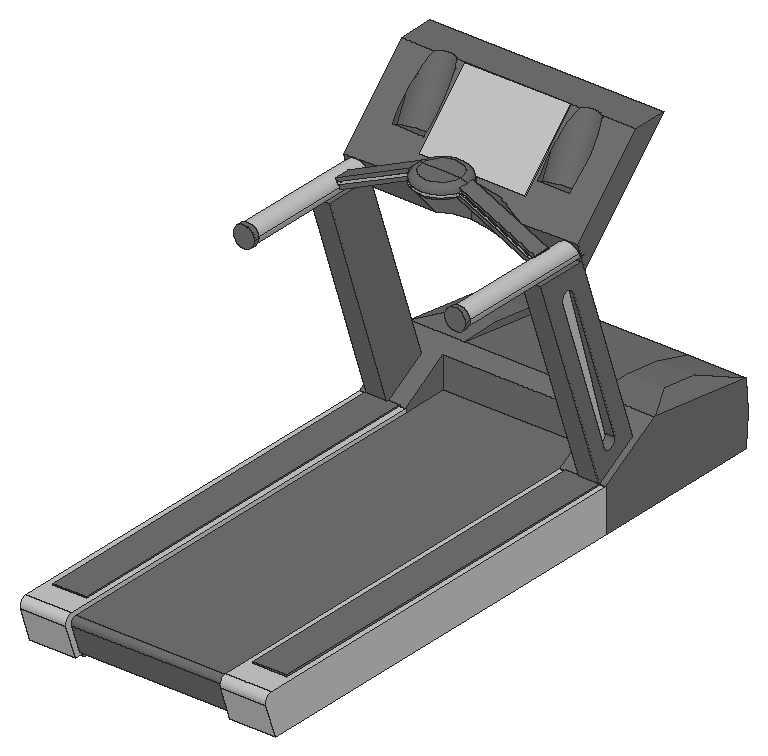
Revit family "Treadmill", category Specialty Equipment, Revit 2015
Reference planes
  plane 1 "Center (Front/Back)": y = 0
  plane 2: z = 0
  plane 3 "Center (Left/Right)": x = 0
  plane 4: x = -444.5
Forms (mm)
  Extrusion 1, solid, material "Rubber Black"
    sketch origin (-723.9, -19.05, 0) x (0, 1, 0) y (0, 0, 1)
      loop
        arc (60.94, 175.648) -> (45.336, 167.525) -> (43.039, 150.083) r 19.05
        line (43.039, 150.083) -> (80.546, 47.033) -> (1557.734, 47.033) -> (1557.734, 175.648) -> (60.94, 175.648)
    from 0 to 558.8
  Extrusion 2, solid, material "Gray Glossy"
    sketch origin (0, 0, 0) x (0, 1, 0) y (0, 0, 1)
      loop
        line (47.069, 34.333) -> (1538.684, 34.333) -> (1538.684, 188.348) -> (27.287, 188.348)
        arc (27.287, 188.348) -> (6.48, 177.517) -> (3.419, 154.261) r 25.4
        line (3.419, 154.261) -> (47.069, 34.333)
    from -165.1 to 0
  Extrusion 3, solid, material "Gray Glossy"
    sketch origin (-889, 0, 0) x (0, 1, 0) y (0, 0, -1)
      loop
        line (47.069, -34.333) -> (3.419, -154.261)
        arc (3.419, -154.261) -> (6.48, -177.517) -> (27.287, -188.348) r 25.4
        line (27.287, -188.348) -> (1538.684, -188.348) -> (1538.684, -34.333) -> (47.069, -34.333)
    from -165.1 to 0
  Extrusion 4, solid, material "Rubber Black"
    sketch origin (0, 0, 0) x (0, 1, 0) y (0, 0, 1)
      loop
        line (1538.684, 188.348) -> (1538.684, 191.92) -> (122.634, 191.92) -> (122.634, 188.348) -> (1538.684, 188.348)
    from -143.632 to -21.581
  Extrusion 5, solid, material "Rubber Black"
    sketch origin (-889, 0, 0) x (0, 1, 0) y (0, 0, -1)
      loop
        line (1538.684, -188.348) -> (122.634, -188.348) -> (122.634, -191.92) -> (1538.684, -191.92) -> (1538.684, -188.348)
    from -143.632 to -21.581
  Extrusion 6, solid, material "Rubber Black"
    sketch origin (0, 0, 0) x (0, 1, 0) y (0, 0, 1)
      loop
        line (1538.684, 34.333) -> (2173.684, 34.333)
        arc (2173.684, 34.333) -> (2184.451, 148.633) -> (2173.684, 262.933) r 612.1
        arc (2173.684, 262.933) -> (1971.249, 316.606) -> (1761.836, 319.177) r 850.39
        line (1761.836, 319.177) -> (1538.684, 188.348) -> (1538.684, 34.333)
    from -889 to 0
  Extrusion 7, void
    sketch origin (0, 0, 0) x (0, 1, 0) y (0, 0, 1)
      loop
        line (1538.684, 175.648) -> (1708.501, 175.648) -> (1708.501, 287.908) -> (1538.684, 188.348) -> (1538.684, 175.648)
    from -723.9 to -165.1
  Extrusion 8, solid, material "Rubber Black"
    sketch origin (-25.4, 0, 0) x (0, 1, 0) y (0, 0, 1)
      loop
        line (1278.493, 943.998) -> (1538.684, 188.348) -> (1691.084, 188.348) -> (1691.084, 277.697) -> (1461.658, 943.998) -> (1278.493, 943.998)
    from -73.135 to 0
  Extrusion 9, void
    sketch origin (-78.022, 0, 1.408) x (0, 1, 0) y (0.036167, 0, 0.999346)
      loop
        line (1373.104, 848.888) -> (1563.586, 293.645)
        arc (1563.586, 293.645) -> (1595.92, 277.84) -> (1611.707, 310.183) r 25.442
        line (1611.707, 310.183) -> (1420.497, 865.5)
        arc (1420.497, 865.5) -> (1389.739, 877.34) -> (1373.104, 848.888) r 25.442
    from 0 to 56.937
  Extrusion 10, solid, material "Gray Glossy"
    sketch origin (-32.106, 0, -1.413) x (0, 1, 0) y (0.041876, 0, 0.999123)
      loop
        line (1373.104, 847.473) -> (1563.586, 292.229)
        arc (1563.586, 292.229) -> (1595.92, 276.425) -> (1611.707, 308.768) r 25.442
        line (1611.707, 308.768) -> (1420.497, 864.085)
        arc (1420.497, 864.085) -> (1389.739, 875.925) -> (1373.104, 847.473) r 25.442
    from -47.406 to -44.231
  Extrusion 11, solid, material "Rubber Black"
    sketch origin (0, 0, 0) x (1, 0, 0) y (0, 1, 0)
      loop
        circle (-780.993, 154.384) r 44.45
    from 0 to 34.333
  Extrusion 12, solid, material "Rubber Black"
    sketch origin (-889, 0, 0) x (-1, 0, 0) y (0, -1, 0)
      loop
        circle (-780.993, -154.384) r 44.45
    from 0 to 34.333
  Extrusion 13, solid, material "Rubber Black"
    sketch origin (0, 1879.6, 0) x (1, 0, 0) y (0, 1, 0)
      loop
        circle (-780.993, 154.384) r 44.45
    from 0 to 34.333
  Extrusion 14, solid, material "Rubber Black"
    sketch origin (-889, 1879.6, 0) x (-1, 0, 0) y (0, -1, 0)
      loop
        circle (-780.993, -154.384) r 44.45
    from 0 to 34.333
  Extrusion 15, void
    sketch origin (0, 0, 0) x (0, 1, 0) y (0, 0, 1)
      loop
        line (1761.836, 319.177) -> (2173.684, 262.933)
        arc (2173.684, 262.933) -> (1971.249, 316.606) -> (1761.836, 319.177) r 850.39
    from -686.453 to -210.33
  Extrusion 16, void
    sketch origin (0, -23.863, 274.437) x (1, 0, 0) y (0, 0.139173, 0.990268)
      loop
        line (-889, 293.68) -> (-779.128, 325.185) -> (-889, 325.185) -> (-889, 293.68)
    from -2184.4 to -1761.774
  Extrusion 17, void
    sketch origin (-889, -23.863, 274.437) x (-1, 0, 0) y (0, -0.139173, -0.990268)
      loop
        line (-889, -293.68) -> (-889, -325.185) -> (-779.128, -325.185) -> (-889, -293.68)
    from -2184.4 to -1761.774
  Extrusion 18, solid, material "Rubber Black"
    sketch origin (-863.6, 0, 0) x (0, 1, 0) y (0, 0, -1)
      loop
        line (1278.493, -943.998) -> (1461.658, -943.998) -> (1691.084, -277.697) -> (1691.084, -188.348) -> (1538.684, -188.348) -> (1278.493, -943.998)
    from -73.135 to 0
  Extrusion 19, void
    sketch origin (-810.978, 0, 1.408) x (0, 1, 0) y (0.036167, 0, -0.999346)
      loop
        arc (1373.104, -848.888) -> (1389.739, -877.34) -> (1420.497, -865.5) r 25.442
        line (1420.497, -865.5) -> (1611.707, -310.183)
        arc (1611.707, -310.183) -> (1595.92, -277.84) -> (1563.586, -293.645) r 25.442
        line (1563.586, -293.645) -> (1373.104, -848.888)
    from 0 to 56.937
  Extrusion 20, solid, material "Gray Glossy"
    sketch origin (-856.894, 0, -1.413) x (0, 1, 0) y (0.041876, 0, -0.999123)
      loop
        arc (1373.104, -847.473) -> (1389.739, -875.925) -> (1420.497, -864.085) r 25.442
        line (1420.497, -864.085) -> (1611.707, -308.768)
        arc (1611.707, -308.768) -> (1595.92, -276.425) -> (1563.586, -292.229) r 25.442
        line (1563.586, -292.229) -> (1373.104, -847.473)
    from -47.406 to -44.231
  Extrusion 21, solid, material "Rubber Black"
    sketch origin (0, 0, 0) x (0, 1, 0) y (0, 0, 1)
      loop
        line (1439.453, 1008.487) -> (1471.982, 914.016) -> (1827.966, 1270) -> (1700.966, 1270) -> (1439.453, 1008.487)
    from -867.419 to -21.581
  Extrusion 22, void
    sketch origin (76.2, -320.74, 879.457) x (1, 0, 0) y (0, 0.898794, -0.438371)
      loop
        circle (-784.148, 1596.44) r 63.5
    from 1009.398 to 1270
  Extrusion 23, void
    sketch origin (-965.2, -320.74, 879.457) x (-1, 0, 0) y (0, -0.898794, 0.438371)
      loop
        circle (-784.148, -1596.44) r 63.5
    from 1009.398 to 1270
  Extrusion 24, solid, material "Gray Glossy"
    sketch origin (0, 0, 0) x (0, 1, 0) y (0, 0, 1)
      loop
        line (1494.598, 1063.632) -> (1700.966, 1270) -> (1697.791, 1270) -> (1492.501, 1064.71) -> (1494.598, 1063.632)
    from -636.252 to -254.014
  Extrusion 25, void
    sketch origin (0, 0, 0) x (1, 0, 0) y (0, 1, 0)
      loop
        line (-666.75, 1439.453) -> (-444.5, 1439.453) -> (-222.25, 1439.453)
        arc (-222.25, 1439.453) -> (-331.15, 1472.498) -> (-444.5, 1482.654) r 555.429
        arc (-444.5, 1482.654) -> (-557.85, 1472.498) -> (-666.75, 1439.453) r 555.429
    from 914.016 to 1064.71
  Extrusion 26, solid, material "Gray Glossy"
    sketch origin (0, 0, 0) x (1, 0, 0) y (0, 0, 1)
      loop
        circle (-827.199, 973.499) r 34.636
    from -1482.654 to -954.532
  Extrusion 27, solid, material "Rubber Black"
    sketch origin (0, 0, 0) x (1, 0, 0) y (0, 0, 1)
      loop
        circle (-827.135, 973.549) r 38.1
    from -954.532 to -937.156
  Extrusion 28, solid, material "Gray Glossy"
    sketch origin (-889, 0, 0) x (-1, 0, 0) y (0, 0, -1)
      loop
        circle (-827.199, -973.499) r 34.636
    from -1482.654 to -954.532
  Extrusion 29, solid, material "Rubber Black"
    sketch origin (-889, 0, 0) x (-1, 0, 0) y (0, 0, -1)
      loop
        circle (-827.135, -973.549) r 38.1
    from -954.532 to -937.156
  Revolve 30, solid, material "Rubber Black"
    sketch origin (0, 1352.55, 0) x (1, 0, 0) y (0, 0, 1)
      loop
        line (-444.5, 1090.048) -> (-374.65, 1090.048)
        arc (-374.65, 1090.048) -> (-349.25, 1115.448) -> (-374.65, 1140.848) r 25.4
        line (-374.65, 1140.848) -> (-444.5, 1140.848) -> (-444.5, 1090.048)
      axis (-444.5, 1140.848) -> (-444.5, 1090.048)
    angle from 0 to 360
  Extrusion 31, solid, material "Rubber Black"
    sketch origin (0, 0, 0) x (1, 0, 0) y (0, 0, 1)
      loop
        line (-535.269, 1129.802) -> (-808.265, 1002.502)
        arc (-808.265, 1002.502) -> (-795.808, 988.137) -> (-792.811, 969.359) r 34.636
        line (-792.811, 969.359) -> (-528.078, 1092.806)
        arc (-528.078, 1092.806) -> (-539.415, 1109.799) -> (-535.269, 1129.802) r 26.457
    from -1381.459 to -1322.784
  Extrusion 32, solid, material "Rubber Black"
    sketch origin (-889, 0, 0) x (-1, 0, 0) y (0, 0, -1)
      loop
        arc (-535.269, -1129.802) -> (-539.415, -1109.799) -> (-528.078, -1092.806) r 26.457
        line (-528.078, -1092.806) -> (-792.811, -969.359)
        arc (-792.811, -969.359) -> (-795.808, -988.137) -> (-808.265, -1002.502) r 34.636
        line (-808.265, -1002.502) -> (-535.269, -1129.802)
    from -1381.459 to -1322.784
  Extrusion 33, solid, material "Gray Glossy"
    sketch origin (0, 0, 1.587) x (1, 0, 0) y (0, 0, 1)
      loop
        line (-802.892, 990.091) -> (-795.944, 983.144) -> (-534.072, 1105.79) -> (-537.99, 1114.156) -> (-802.892, 990.091)
    from -1322.784 to -1319.609
  Extrusion 34, solid, material "Gray Glossy"
    sketch origin (-889, 0, 1.587) x (-1, 0, 0) y (0, 0, -1)
      loop
        line (-802.892, -990.091) -> (-537.99, -1114.156) -> (-534.072, -1105.79) -> (-795.944, -983.144) -> (-802.892, -990.091)
    from -1322.784 to -1319.609
  Revolve 35, solid
    sketch origin (0, 1352.55, 1.587) x (1, 0, 0) y (0, 0, 1)
      loop
        arc (-539.828, 1112.965) -> (-541.248, 1108.599) -> (-539.828, 1104.234) r 7.42
        line (-539.828, 1104.234) -> (-444.5, 1104.234) -> (-444.5, 1112.965) -> (-539.828, 1112.965)
      axis (-444.5, 1104.234) -> (-444.5, 1112.965)
    angle from 0 to 360
Cuts and joins
  Extrusion 7, Extrusion 9, Extrusion 15, Extrusion 16, Extrusion 17, Extrusion 19 cuts Extrusion 1
  Extrusion 7, Extrusion 9, Extrusion 15, Extrusion 16, Extrusion 17, Extrusion 19 cuts Extrusion 6
  joined: Extrusion 1, Extrusion 6
  Extrusion 7 cuts Extrusion 2
  Extrusion 7 cuts Extrusion 3
  Extrusion 9, Extrusion 19 cuts Extrusion 8
  Extrusion 19 cuts Extrusion 10
  Extrusion 19 cuts Extrusion 18
  Extrusion 19 cuts Extrusion 20
  Extrusion 22, Extrusion 23, Extrusion 25 cuts Extrusion 21
